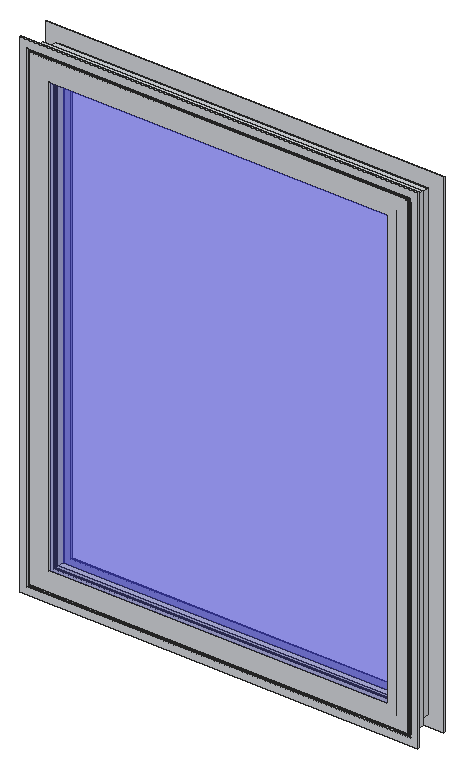
Revit family "8800_Fixed", category Windows, host Wall, Revit 2023
Family settings
  Host = Wall
  OmniClass Number = 23.30.20.00
  OmniClass Title = Windows
  Always vertical = Yes
  Cut with Voids When Loaded = No
  Shared = No
  Room Calculation Point = No
Parameters
  Height = 5' - 0"
  Glass Material = Glass
  Frame Material = none
  Depth From Exterior = 0' - 1"
  Default Sill Height = 3' - 0"
  Wall Closure = By host
  Width = 4' - 0"
Reference planes (in)
  plane 1 "Center (Front/Back)": y = 0
  plane 2: z = 0
  plane 3 "Center (Left/Right)": x = 0
  plane 4 "Left": x = -24
  plane 5 "Right": x = 24
  plane 6 "Sill": z = 36
  plane 7 "Top": z = 96
  plane 8: y = 2
  plane 9: y = 3
  plane 10: y = 0
  plane 11: y = 0.778
  plane 12: y = -0.12594
  plane 13: y = -1.473
Forms (in)
  Sweep 1, solid
    path origin (0, 0, 0) x (1, 0, 0) y (0, 0, 1)
      loop
        line (24, 36) -> (24, 96) -> (-24, 96) -> (-24, 36) -> (24, 36)
    profile origin (0, 0, 36) x (0, 0, -1) y (0, -1, 0)
      loop
        line (0, -2) -> (0, -1.875) -> (-2.09363, -1.875) -> (-2.09363, -1.72502) -> (-1.77653, -1.72502) -> (-1.77653, -1.4055) -> (-1.6025, -1.4055) -> (-1.6025, -0.63558) -> (-1.77653, -0.63558) -> (-1.77653, -0.27498) -> (-2.09363, -0.27498) -> (-2.09363, -0.125) -> (-1.111, -0.125) -> (-1.111, 0.79003) -> (-0.96774, 0.79003) -> (-0.96774, 1.15229) -> (-0.73274, 1.15229) -> (-0.73274, 1.875) -> (0, 1.875) -> (0, 2) -> (-0.87482, 2) -> (-0.87482, 1.73743) -> (-1.23616, 1.73743) -> (-1.23616, 0) -> (-2.2185, 0) -> (-2.2185, -1.875) -> (-2.99963, -1.875) -> (-2.99963, -2) -> (0, -2)
  Sweep 2, solid
    path origin (0, 0, 0) x (1, 0, 0) y (0, 0, 1)
      loop
        line (-23.12518, 36.87482) -> (23.12518, 36.87482) -> (23.12518, 95.12518) -> (-23.12518, 95.12518) -> (-23.12518, 36.87482)
    profile origin (0, 0, 36.87482) x (0, 0, 1) y (0, -1, 0)
      loop
        line (1.82722, 0.11394) -> (1.82722, 1.21393) -> (1.70345, 1.21393) -> (1.70345, 1.973) -> (2.7032, 1.973) -> (2.7032, 2.0625) -> (0.322, 2.0625)
        arc (0.322, 2.0625) -> (0.27607, 2.05336) -> (0.23713, 2.02733) r 0.12
        line (0.23713, 2.02733) -> (0.19444, 1.98463)
        arc (0.19444, 1.98463) -> (0.1508, 1.91533) -> (0.14213, 1.83389) r 0.18119
        arc (0.14213, 1.83389) -> (0.14954, 1.81798) -> (0.16649, 1.81342) r 0.02077
        line (0.16649, 1.81342) -> (0.16649, 1.73785) -> (0.6123, 1.73785) -> (0.6123, 1.9375) -> (1.00696, 1.9375) -> (1.00696, 1.8628) -> (0.82853, 1.8628) -> (0.82853, 1.67873) -> (0.38492, 1.67873) -> (0.38492, 0.76673) -> (1.00696, 0.76673) -> (1.00696, 0.11394) -> (0.96199, 0.11394) -> (0.96199, 0) -> (1.35523, 0) -> (1.35523, 0.11394) -> (1.82722, 0.11394)
  Sweep 3, solid
    path origin (0, 0, 0) x (1, 0, 0) y (0, 0, 1)
      loop
        line (-21.7815, 38.2185) -> (21.7815, 38.2185) -> (21.7815, 93.7815) -> (-21.7815, 93.7815) -> (-21.7815, 38.2185)
    profile origin (0, 0, 38.2185) x (0, 0, 1) y (0, -1, 0)
      loop
        line (0.78093, 0) -> (0, 0) -> (0, -0.625) -> (0.35843, -0.625) -> (0.35843, -0.778) -> (0.78093, -0.778) -> (0.78093, 0)
  Sweep 4, solid
    path origin (0, 0, 0) x (1, 0, 0) y (0, 0, 1)
      loop
        line (-20.42198, 39.57802) -> (20.42198, 39.57802) -> (20.42198, 92.42198) -> (-20.42198, 92.42198) -> (-20.42198, 39.57802)
    profile origin (0, 0, 39.57802) x (0, 0, 1) y (0, -1, 0)
      loop
        line (0, 1.23093) -> (0, 1.38612) -> (0.03982, 1.38612) -> (0.03982, 1.473) -> (-0.35115, 1.473) -> (-0.35115, 1.39293) -> (-0.87584, 1.39293) -> (-0.87584, 0.12594) -> (-0.71398, 0.12594) -> (-0.71398, 1.23093) -> (0, 1.23093)
  Sweep 5, solid, material "Glass" <- "Glass Material"
    path origin (0, 0, 0) x (0, 1, 0) y (0, 0, 1)
      loop
        line (1.875, 38.2185) -> (1.875, 93.7815)
    profile origin (0, 1.875, 66) x (0, -1, 0) y (1, 0, 0)
      loop
        line (0, -21.7815) -> (0.25, -21.7815) -> (0.25, 21.7815) -> (0, 21.7815) -> (0, -21.7815)
      loop
        line (0.75, -21.7815) -> (1, -21.7815) -> (1, 21.7815) -> (0.75, 21.7815) -> (0.75, -21.7815)
  Sweep 6, solid, material "Glass" <- "Glass Material"
    path origin (0, 0, 0) x (0, 1, 0) y (0, 0, 1)
      loop
        line (-1.973, 38.57827) -> (-1.973, 93.42173)
    profile origin (0, -1.973, 66) x (0, -1, 0) y (1, 0, 0)
      loop
        line (-0.5, -21.42173) -> (0, -21.42173) -> (0, 21.42173) -> (-0.5, 21.42173) -> (-0.5, -21.42173)
Lines and regions (in)
  Opening 1
    outline origin (-60, -3, 0) x (1, 0, 0) y (0, 0, 1)
      loop
        line (36, 96) -> (36, 36) -> (84, 36) -> (84, 96) -> (36, 96)
Text (in)
  text "EXTERIOR" at (-58.6888, 50.90694, 0), in view "Ref. Level"
  text "INTERIOR" at (-58.6888, -37.76638, 0), in view "Ref. Level"
  text "Exterior" at (0, 43.65631, 123.19604), in view "Left"
  text "Exterior" at (0, 18.29385, 125.04747), in view "Right"
Dimensions and locks (in)
  equal spacing: plane 4 "Left", plane 3 "Center (Left/Right)", plane 5 "Right"
  "Height": plane 6 "Sill" to plane 7 "Top"
  "Default Sill Height": plane 2 to plane 6 "Sill"
  "Width": plane 4 "Left" to plane 5 "Right"
  "Depth From Exterior": plane 9 to plane 8
  locked: plane 11 to host wall at 0.778
  plane 8 to host wall = 0' - 2"
  locked: plane 12 to plane 13 at 1.34706
  locked: plane 8 to plane 13 at 3.473
  aligned and locked: plane 7 "Top" to Opening 1 sketch curve
  aligned and locked: plane 6 "Sill" to Opening 1 sketch curve  (x2)
  aligned and locked: plane 5 "Right" to Opening 1 sketch curve
  aligned and locked: plane 4 "Left" to Opening 1 sketch curve
  aligned and locked: level to plane 2
  aligned and locked: plane 6 "Sill" to Sweep 1 sketch curve
  aligned and locked: plane 4 "Left" to Sweep 1 sketch curve
  aligned and locked: Sweep 1 sketch curve to plane 7 "Top"
  aligned and locked: Sweep 1 sketch curve to plane 5 "Right"
  aligned and locked: Sweep 2 sketch curve to Sweep 1  (x4)
  aligned and locked: Sweep 3 sketch curve to Sweep 1  (x4)
  aligned and locked: Sweep 4 sketch curve to Sweep 2  (x4)
  aligned and locked: Sweep 5 sketch curve to Sweep 1  (x5)
  aligned and locked: Sweep 6 sketch curve to Sweep 2  (x3)
  aligned and locked: plane 9 to host wall
  aligned and locked: plane 8 to Sweep 1
  aligned and locked: plane 10 to Sweep 3
  aligned and locked: host wall to plane 10
  aligned and locked: plane 11 to Sweep 3
  aligned and locked: Sweep 2 to host wall
  aligned and locked: plane 13 to Sweep 4
  aligned and locked: plane 13 to Sweep 6
  aligned and locked: plane 12 to Sweep 4
Automatic sketch dimensions
  profile plane to Sweep 1 sketch curve = 0' - 2.99963"
  Sweep 1 sketch curve to Sweep 1 sketch curve = 0' - 0.78113"
  Sweep 1 sketch curve to Sweep 1 sketch curve = 0' - 0.12487"  (x2)
  Sweep 1 sketch curve to Sweep 1 sketch curve = 0' - 0.3171"  (x2)
  Sweep 1 sketch curve to Sweep 1 sketch curve = 0' - 0.17403"
  Sweep 1 sketch curve to Sweep 1 sketch curve = 0' - 0.98234"
  Sweep 1 sketch curve to Sweep 1 sketch curve = 0' - 0.12516"
  Sweep 1 sketch curve to Sweep 1 sketch curve = 0' - 0.14326"
  Sweep 1 sketch curve to Sweep 1 sketch curve = 0' - 0.36135"
  Sweep 1 sketch curve to Sweep 1 sketch curve = 0' - 0.235"
  Sweep 1 sketch curve to Sweep 1 sketch curve = 0' - 0.73274"
  Sweep 1 sketch curve to Sweep 1 sketch curve = 0' - 1.6025"
  Sweep 1 sketch curve to plane 1 "Center (Front/Back)" = 0' - 1 7/8"
  Sweep 1 sketch curve to Sweep 1 sketch curve = 0' - 0"
  Sweep 1 sketch curve to Sweep 1 sketch curve = 0' - 0.14998"  (x2)
  Sweep 1 sketch curve to Sweep 1 sketch curve = 0' - 0.31952"
  Sweep 1 sketch curve to Sweep 1 sketch curve = 0' - 0.76992"
  Sweep 1 sketch curve to Sweep 1 sketch curve = 0' - 0.3606"
  Sweep 1 sketch curve to Sweep 1 sketch curve = 0' - 0 1/8"  (x3)
  Sweep 1 sketch curve to Sweep 1 sketch curve = 0' - 0.79003"
  Sweep 1 sketch curve to Sweep 1 sketch curve = 0' - 0.36226"
  Sweep 1 sketch curve to Sweep 1 sketch curve = 0' - 0.58515"
  Sweep 1 sketch curve to Sweep 1 sketch curve = 0' - 0.13757"
  Sweep 2 sketch curve to profile plane = 0' - 0.16291"
  Sweep 2 sketch curve to Sweep 2 sketch curve = 0' - 0.00358"
  Sweep 2 sketch curve to Sweep 2 sketch curve = 0' - 0.03154"
  Sweep 2 sketch curve to Sweep 2 sketch curve = 0' - 0.04269"
  Sweep 2 sketch curve to Sweep 2 sketch curve = 0' - 0.15907"
  Sweep 2 sketch curve to Sweep 2 sketch curve = 0' - 0.00003"
  Sweep 2 sketch curve to Sweep 2 sketch curve = 0' - 0.06295"
  Sweep 2 sketch curve to Sweep 2 sketch curve = 0' - 0.22738"
  Sweep 2 sketch curve to Sweep 2 sketch curve = 0' - 0.21624"
  Sweep 2 sketch curve to Sweep 2 sketch curve = 0' - 0.57707"
  Sweep 2 sketch curve to Sweep 2 sketch curve = 0' - 0.17842"
  Sweep 2 sketch curve to Sweep 2 sketch curve = 0' - 0.62204"
  Sweep 2 sketch curve to Sweep 2 sketch curve = 0' - 0.34827"
  Sweep 2 sketch curve to Sweep 2 sketch curve = 0' - 0.69649"
  Sweep 2 sketch curve to Sweep 2 sketch curve = 0' - 0.99975"
  Sweep 2 sketch curve to plane 1 "Center (Front/Back)" = 0' - 0"
  Sweep 2 sketch curve to Sweep 2 sketch curve = 0' - 0.11394"  (x2)
  Sweep 2 sketch curve to Sweep 2 sketch curve = 0' - 0.65279"
  Sweep 2 sketch curve to Sweep 2 sketch curve = 0' - 0.4472"
  Sweep 2 sketch curve to Sweep 2 sketch curve = 0' - 0.912"
  Sweep 2 sketch curve to Sweep 2 sketch curve = 0' - 0.05912"
  Sweep 2 sketch curve to Sweep 2 sketch curve = 0' - 0.07558"
  Sweep 2 sketch curve to Sweep 2 sketch curve = 0' - 0.02046"
  Sweep 2 sketch curve to Sweep 2 sketch curve = 0' - 0.02203"
  Sweep 2 sketch curve to Sweep 2 sketch curve = 0' - 0.18407"
  Sweep 2 sketch curve to Sweep 2 sketch curve = 0' - 0.19965"
  Sweep 2 sketch curve to Sweep 2 sketch curve = 0' - 0.08658"
  Sweep 2 sketch curve to Sweep 2 sketch curve = 0' - 0.0355"
  Sweep 2 sketch curve to Sweep 2 sketch curve = 0' - 0.04271"
  Sweep 2 sketch curve to Sweep 2 sketch curve = 0' - 0.12377"
  Sweep 3 sketch curve to profile plane = 0' - 0"
  Sweep 3 sketch curve to Sweep 3 sketch curve = 0' - 0.35843"
  Sweep 3 sketch curve to Sweep 3 sketch curve = 0' - 0.4225"
  Sweep 3 sketch curve to plane 1 "Center (Front/Back)" = 0' - 0.778"
  Sweep 3 sketch curve to Sweep 3 sketch curve = 0' - 0.153"
  Sweep 3 sketch curve to Sweep 3 sketch curve = 0' - 0 5/8"
  profile plane to Sweep 4 sketch curve = 0' - 0.87584"
  Sweep 4 sketch curve to Sweep 4 sketch curve = 0' - 0.16186"
  Sweep 4 sketch curve to Sweep 4 sketch curve = 0' - 0.36283"
  Sweep 4 sketch curve to Sweep 4 sketch curve = 0' - 0.35115"
  Sweep 4 sketch curve to Sweep 4 sketch curve = 0' - 0.03982"
  plane 1 "Center (Front/Back)" to Sweep 4 sketch curve = 0' - 0.12594"
  Sweep 4 sketch curve to Sweep 4 sketch curve = 0' - 1.26019"
  Sweep 4 sketch curve to Sweep 4 sketch curve = 0' - 0.0068"
  Sweep 4 sketch curve to Sweep 4 sketch curve = 0' - 0.08007"
  Sweep 4 sketch curve to Sweep 4 sketch curve = 0' - 0.162"
  Sweep 5 sketch curve to plane 6 "Sill" = 0' - 2.2185"
  plane 7 "Top" to Sweep 5 sketch curve = 0' - 2.2185"
  profile plane to Sweep 5 sketch curve = 0' - 0"
  Sweep 5 sketch curve to Sweep 5 sketch curve = 0' - 0 1/4"  (x2)
  Sweep 5 sketch curve to Sweep 5 sketch curve = 0' - 0 3/4"
  Sweep 6 sketch curve to plane 6 "Sill" = 0' - 2.57827"
  plane 7 "Top" to Sweep 6 sketch curve = 0' - 2.57827"
  Sweep 6 sketch curve to profile plane = 0' - 0"
  Sweep 6 sketch curve to Sweep 6 sketch curve = 0' - 0 1/2"
